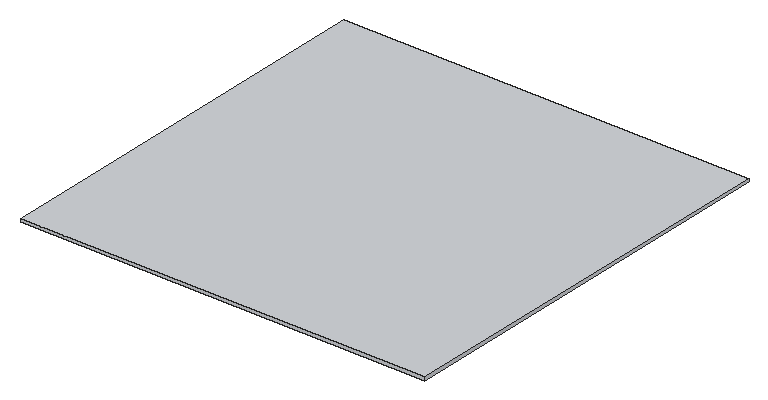
Revit family "ARCH_AccessPanel_Wall_FaceBased", category Generic Models, host Face, Revit 2026
Family settings
  Host = Face
  Can host rebar = No
  Round Connector Dimension = Use Diameter
  Part Type = Normal
  Cut with Voids When Loaded = No
  Maintain Annotation Orientation = No
  Shared = No
  Room Calculation Point = No
Parameters (values of type "400x400_FR30")
  TagNumber [instance] = ""
  PanelWidth = 400 mm
  PanelHeight = 400 mm
  FR_Class = "FR30"
  Default Elevation = 1219.2 mm
  ClearOpening = PanelWidth - 20 mm  # 380 mm
Types (3, lengths in mm): name | PanelWidth | PanelHeight | ClearOpening
  (no name) | 400 | 400 | 380
  300x300_FR30 | 300 | 300 | 280
  400x400_FR30 | 400 | 400 | 380
Reference planes
  plane 1 "Center (Front/Back)": y = 0
  plane 2: z = 0
  plane 3 "Center (Left/Right)": x = 0
  plane 4 "Left": x = -200
  plane 5 "Right": x = 200
  plane 6 "Top": y = 200
  plane 7 "Bottom": y = -200
  plane 8 "Face_Offset": z = 3
  plane 9 "CO_Left": x = -190
  plane 10 "CO_Right": x = 190
  plane 11 "CO_Top": y = 190
  plane 12 "CO_Bottom": y = -190
Forms (mm)
  Extrusion 1, solid
    sketch origin (0, 0, 0) x (1, 0, 0) y (0, 1, 0)
      loop
        line (-200, 200) -> (-200, -200) -> (200, -200) -> (200, 200) -> (-200, 200)
    from 0 to 3
Lines and regions (mm)
  symbolic lines, style "Panel, Symbolic", detail levels coarse+medium
    curve 1: line (200, 200, 0) -> (-200, -200, 0)
    curve 2: line (-200, 200, 0) -> (200, -200, 0)
    curve 3: line (-190, 190, 0) -> (190, 190, 0)
    curve 4: line (-190, -190, 0) -> (-190, 190, 0)
    curve 5: line (190, -190, 0) -> (-190, -190, 0)
    curve 6: line (190, 190, 0) -> (190, -190, 0)
  symbolic lines, style "Panel, Symbolic", detail levels coarse
    curve 7: line (-200, 200, 0) -> (200, 200, 0)
    curve 8: line (-200, -200, 0) -> (-200, 200, 0)
    curve 9: line (200, -200, 0) -> (-200, -200, 0)
    curve 10: line (200, 200, 0) -> (200, -200, 0)
Dimensions and locks
  "PanelWidth": plane 4 "Left" to plane 5 "Right"
  equal spacing: plane 4 "Left", plane 3 "Center (Left/Right)", plane 5 "Right"
  equal spacing: plane 6 "Top", plane 1 "Center (Front/Back)", plane 7 "Bottom"
  "PanelHeight": plane 6 "Top" to plane 7 "Bottom"
  plane 8 "Face_Offset" to plane 2 = 3 mm
  "ClearOpening": plane 9 "CO_Left" to plane 10 "CO_Right"
  equal spacing: plane 9 "CO_Left", plane 3 "Center (Left/Right)", plane 10 "CO_Right"
  equal spacing: plane 11 "CO_Top", plane 1 "Center (Front/Back)", plane 12 "CO_Bottom"
  "ClearOpening": plane 11 "CO_Top" to plane 12 "CO_Bottom"
  aligned and locked: plane 2 to host face
  aligned and locked: level to host face
  aligned and locked: Extrusion 1 sketch curve to plane 6 "Top"
  aligned and locked: Extrusion 1 sketch curve to plane 5 "Right"
  aligned and locked: plane 7 "Bottom" to Extrusion 1 sketch curve
  aligned and locked: plane 4 "Left" to Extrusion 1 sketch curve
  aligned and locked: Extrusion 1 to plane 2
  aligned and locked: plane 8 "Face_Offset" to Extrusion 1
  aligned and locked: Extrusion 1 to curve 1
  aligned and locked: curve 1 to Extrusion 1
  aligned and locked: curve 2 to Extrusion 1
  aligned and locked: Extrusion 1 to curve 2
  aligned and locked: curve 3 to plane 11 "CO_Top"
  aligned and locked: plane 9 "CO_Left" to curve 4
  aligned and locked: plane 12 "CO_Bottom" to curve 5
  aligned and locked: curve 6 to plane 10 "CO_Right"
Automatic sketch dimensions
  host sketch curve to host sketch curve = 400 mm  (x2)
  curve 2 to plane 6 "Top" = 0 mm
